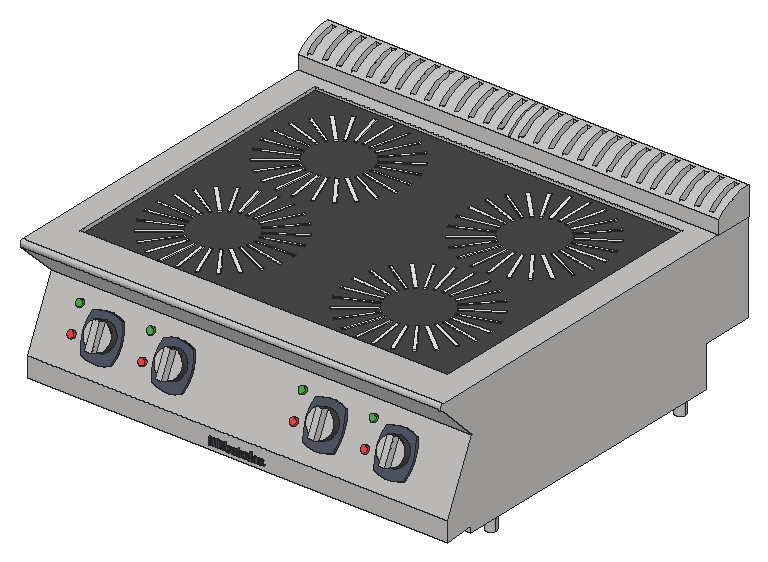
Revit family "QF_ELECTROLUXPROFESSIONAL_371176_E7INEH400P", category Specialty Equipment, Revit 2018 (continued)
Automatic sketch dimensions
  curve 46 to curve 47 = 0 mm
  curve 107 to curve 105 = 0 mm
  curve 42 to curve 43 = 0 mm
  curve 111 to curve 109 = 0 mm
  curve 38 to curve 39 = 0 mm
  curve 115 to curve 113 = 0 mm
  curve 34 to curve 35 = 0 mm
  curve 119 to curve 117 = 0 mm
  curve 21 to curve 30 = 0 mm
  curve 123 to curve 121 = 0 mm
  curve 73 to curve 26 = 0 mm
  curve 127 to curve 125 = 0 mm
  curve 25 to curve 132 = 5.939 mm
  curve 132 to curve 131 = 0 mm
  Extrusion 12 sketch curve to plane 10 "TOP A" = 0 mm
  Extrusion 12 sketch curve to plane 1 "BACK" = 0 mm
  plane 1 "BACK" to Extrusion 12 sketch curve = 1.769 mm
  plane 10 "TOP A" to Extrusion 12 sketch curve = 25.4 mm
  plane 1 "BACK" to Extrusion 12 sketch curve = 69.85 mm
  Extrusion 12 sketch curve to plane 10 "TOP A" = 38.04 mm
  Extrusion 13 sketch curve to plane 3 "LEFT" = 13.453 mm
  Extrusion 13 sketch curve to Extrusion 13 sketch curve = 9.296 mm  (x28)
  Extrusion 13 sketch curve to Extrusion 13 sketch curve = 18.547 mm  (x26)
  Extrusion 13 sketch curve to plane 1 "BACK" = 6.761 mm  (x28)
  Extrusion 13 sketch curve to plane 7 "Center Y" = 15.401 mm
  Extrusion 13 sketch curve to Extrusion 13 sketch curve = 57.15 mm  (x2)
  Extrusion 13 sketch curve to Extrusion 13 sketch curve = 0 mm  (x26)
  plane 1 "BACK" to Extrusion 14 sketch curve = 0 mm
  plane 7 "Center Y" to Extrusion 14 sketch curve = 1.537 mm
  Extrusion 14 sketch curve to plane 7 "Center Y" = 1.638 mm
  Extrusion 14 sketch curve to Extrusion 14 sketch curve = 69.85 mm
  Extrusion 7 sketch curve to Extrusion 1 = 31.333 mm  (x8)
  Extrusion 7 sketch curve to Extrusion 7 sketch curve = 12.3 mm  (x12)
  Extrusion 7 sketch curve to Extrusion 7 sketch curve = 34.925 mm  (x6)
  Extrusion 7 sketch curve to Extrusion 7 sketch curve = 0 mm  (x2)
  Extrusion 1 to Extrusion 7 sketch curve = 44.467 mm  (x4)
  Extrusion 1 to Extrusion 7 sketch curve = 66.558 mm
  Extrusion 7 sketch curve to Extrusion 7 sketch curve = 25.683 mm  (x2)
  Extrusion 7 sketch curve to Extrusion 7 sketch curve = 25.727 mm  (x4)
  Extrusion 7 sketch curve to Extrusion 7 sketch curve = 28.575 mm  (x2)
  Extrusion 7 sketch curve to Extrusion 7 sketch curve = 26.44 mm  (x2)
  Extrusion 7 sketch curve to Extrusion 7 sketch curve = 179.765 mm
  Extrusion 7 sketch curve to Extrusion 7 sketch curve = 25.771 mm  (x2)
  Extrusion 7 sketch curve to Extrusion 7 sketch curve = 28.531 mm  (x2)
  Extrusion 8 sketch curve to Extrusion 8 sketch curve = 0 mm  (x3)
  Extrusion 8 sketch curve to Extrusion 8 sketch curve = 135 mm  (x2)
  Extrusion 8 sketch curve to Extrusion 8 sketch curve = 288.369 mm
  Extrusion 9 sketch curve to Extrusion 9 sketch curve = 24.732 mm  (x4)
  Extrusion 9 sketch curve to Extrusion 9 sketch curve = 0 mm  (x4)
  Extrusion 1 to Extrusion 10 sketch curve = 29.678 mm  (x4)
  Extrusion 1 to Extrusion 10 sketch curve = 175.983 mm
  Extrusion 10 sketch curve to Extrusion 10 sketch curve = 135 mm
  Extrusion 1 to Extrusion 10 sketch curve = 200.648 mm
  Extrusion 1 to Extrusion 10 sketch curve = 65.648 mm
  Extrusion 11 sketch curve to Extrusion 1 = 54.522 mm  (x4)
  Extrusion 1 to Extrusion 11 sketch curve = 175.983 mm
  Extrusion 11 sketch curve to Extrusion 11 sketch curve = 135 mm
  Extrusion 1 to Extrusion 11 sketch curve = 200.648 mm
  Extrusion 1 to Extrusion 11 sketch curve = 65.648 mm
  radius of Extrusion 3 sketch curve = 9.525 mm  (x4)
  radius of Extrusion 4 sketch curve = 12.7 mm
  radius of Extrusion 8 sketch curve = 25.4 mm  (x4)
  radius of Extrusion 9 sketch curve to Extrusion 8 = 0 mm  (x8)
  radius of Extrusion 10 sketch curve = 6.35 mm  (x4)
  radius of Extrusion 11 sketch curve = 6.4 mm  (x4)
Nested families
  nested 1: "INDUCTION BURNER" at (77.726, -103.911, 266.887), type "INDUCTION BURNER"
    with Type Mark "", Status "", Specification by User "", Revision Code "", Item Number "", Installed By "", Identify Quantity as Lot yes, Furnished By "", Foodservice Equipment Identifier yes
  nested 2: "INDUCTION BURNER" at (77.726, -379.622, 266.887), type "INDUCTION BURNER"
    with Type Mark "", Status "", Specification by User "", Revision Code "", Item Number "", Installed By "", Identify Quantity as Lot yes, Furnished By "", Foodservice Equipment Identifier yes
  nested 3: "INDUCTION BURNER" at (450.576, -103.911, 266.887), type "INDUCTION BURNER"
    with Type Mark "", Status "", Specification by User "", Revision Code "", Item Number "", Installed By "", Identify Quantity as Lot yes, Furnished By "", Foodservice Equipment Identifier yes
  nested 4: "INDUCTION BURNER" at (450.576, -379.622, 266.887), type "INDUCTION BURNER"
    with Type Mark "", Status "", Specification by User "", Revision Code "", Item Number "", Installed By "", Identify Quantity as Lot yes, Furnished By "", Foodservice Equipment Identifier yes
Connectors
  electrical at (736.5, -88.9, 57.906), driven by "Volts", driven by "Watts"
    settings: on Extrusion 4, index 1, voltage 400 V, apparent load 20000 VA, apparent load phase1 0 VA, apparent load phase2 0 VA, apparent load phase3 0 VA, power factor 1, load classification "Other", number of poles 1, system type 30, power factor state 1, is connector primary yes, connector utility no, sub classification motor no, connector description "Electrical Connection"
Definition of nested family "INDUCTION BURNER"
  Parameters
    Weight in Pounds = 0
    URL Cutsheet = ""
    Type Mark [instance] = ""
    Status [instance] = ""
    Specification by User [instance] = ""
    Specification by Manufacturer = ""
    Serial Number = ""
    Seismic Rating = ""
    SMACNA No = ""
    Revision Code [instance] = ""
    Omniclass Number and Title = ""
    NAFEM Spec ID Number = ""
    Masterspec = ""
    Item Number [instance] = ""
    Installed By [instance] = ""
    Identify Quantity as Lot [instance] = yes
    Furnished By [instance] = ""
    Foodservice Equipment Identifier [instance] = yes
    CSI MasterFormat = ""
    CSI Master Format = ""
    Assembly Code = ""
  Reference planes
    plane 1 "BACK": y = 0
    plane 2: z = 0
    plane 3 "LEFT": x = 0
    plane 4 "RIGHT": x = 263
    plane 5 "FRONT": y = -263
    plane 6 "TOP": z = 0.794
    plane 7 "Center Y": x = 131.5
    plane 8 "Center X": y = -131.5
  Forms (mm)
    Extrusion 1, solid
      sketch origin (0, 0, 0) x (1, 0, 0) y (0, 1, 0)
        loop
          line (134, -73.314) -> (134, 0) -> (129, 0) -> (129, -73.314) -> (134, -73.314)
        loop
          line (119.451, -74.521) -> (101.219, -3.51) -> (96.376, -4.753) -> (114.608, -75.764) -> (119.451, -74.521)
        loop
          line (105.66, -79.307) -> (70.34, -15.061) -> (65.959, -17.47) -> (101.278, -81.716) -> (105.66, -79.307)
        loop
          line (93.492, -87.373) -> (43.304, -33.929) -> (39.66, -37.352) -> (89.847, -90.796) -> (93.492, -87.373)
        loop
          line (83.712, -98.212) -> (21.81, -58.928) -> (19.131, -63.15) -> (81.033, -102.433) -> (83.712, -98.212)
        loop
          line (5.664, -93.242) -> (75.39, -115.897) -> (76.935, -111.142) -> (7.209, -88.487) -> (5.664, -93.242)
        loop
          line (73.586, -125.351) -> (0.416, -120.748) -> (0.103, -125.738) -> (73.272, -130.342) -> (73.586, -125.351)
        loop
          line (73.876, -139.947) -> (1.861, -153.685) -> (2.798, -158.596) -> (74.813, -144.859) -> (73.876, -139.947)
        loop
          line (77.788, -154.012) -> (11.451, -185.228) -> (13.58, -189.752) -> (79.916, -158.536) -> (77.788, -154.012)
        loop
          line (85.074, -166.663) -> (28.584, -213.395) -> (31.771, -217.248) -> (88.261, -170.515) -> (85.074, -166.663)
        loop
          line (95.277, -177.104) -> (52.184, -236.416) -> (56.229, -239.355) -> (99.322, -180.043) -> (95.277, -177.104)
        loop
          line (107.756, -184.679) -> (80.767, -252.845) -> (85.416, -254.686) -> (112.405, -186.52) -> (107.756, -184.679)
        loop
          line (121.727, -188.914) -> (112.538, -261.65) -> (117.499, -262.276) -> (126.688, -189.54) -> (121.727, -188.914)
        loop
          line (143.549, -74.521) -> (148.392, -75.764) -> (166.624, -4.753) -> (161.781, -3.51) -> (143.549, -74.521)
        loop
          line (157.34, -79.307) -> (161.722, -81.716) -> (197.041, -17.47) -> (192.66, -15.061) -> (157.34, -79.307)
        loop
          line (169.508, -87.373) -> (173.153, -90.796) -> (223.34, -37.352) -> (219.696, -33.929) -> (169.508, -87.373)
        loop
          line (179.288, -98.212) -> (181.967, -102.433) -> (243.869, -63.15) -> (241.19, -58.928) -> (179.288, -98.212)
        loop
          line (257.336, -93.242) -> (255.791, -88.487) -> (186.065, -111.142) -> (187.61, -115.897) -> (257.336, -93.242)
        loop
          line (189.414, -125.351) -> (189.728, -130.342) -> (262.897, -125.738) -> (262.584, -120.748) -> (189.414, -125.351)
        loop
          line (189.124, -139.947) -> (188.187, -144.859) -> (260.202, -158.596) -> (261.139, -153.685) -> (189.124, -139.947)
        loop
          line (185.212, -154.012) -> (183.084, -158.536) -> (249.42, -189.752) -> (251.549, -185.228) -> (185.212, -154.012)
        loop
          line (177.926, -166.663) -> (174.739, -170.515) -> (231.229, -217.248) -> (234.416, -213.395) -> (177.926, -166.663)
        loop
          line (167.723, -177.104) -> (163.678, -180.043) -> (206.771, -239.355) -> (210.816, -236.416) -> (167.723, -177.104)
        loop
          line (155.244, -184.679) -> (150.595, -186.52) -> (177.584, -254.686) -> (182.233, -252.845) -> (155.244, -184.679)
        loop
          line (141.273, -188.914) -> (136.312, -189.54) -> (145.501, -262.276) -> (150.462, -261.65) -> (141.273, -188.914)
      from 0 to 0.8
  Lines and regions (mm)
    symbolic lines
      curve 1: line (134, -73.314, 0) -> (134, 0, 0)
      curve 2: line (134, 0, 0) -> (129, 0, 0)
      curve 3: line (129, 0, 0) -> (129, -73.314, 0)
      curve 4: line (129, -73.314, 0) -> (134, -73.314, 0)
      curve 5: line (148.392, -75.764, 0) -> (166.624, -4.753, 0)
      curve 6: line (166.624, -4.753, 0) -> (161.781, -3.51, 0)
      curve 7: line (161.781, -3.51, 0) -> (143.549, -74.521, 0)
      curve 8: line (143.549, -74.521, 0) -> (148.392, -75.764, 0)
      curve 9: line (119.451, -74.521, 0) -> (101.219, -3.51, 0)
      curve 10: line (101.219, -3.51, 0) -> (96.376, -4.753, 0)
      curve 11: line (96.376, -4.753, 0) -> (114.608, -75.764, 0)
      curve 12: line (114.608, -75.764, 0) -> (119.451, -74.521, 0)
      curve 13: line (105.66, -79.307, 0) -> (70.34, -15.061, 0)
      curve 14: line (70.34, -15.061, 0) -> (65.959, -17.47, 0)
      curve 15: line (65.959, -17.47, 0) -> (101.278, -81.716, 0)
      curve 16: line (101.278, -81.716, 0) -> (105.66, -79.307, 0)
      curve 17: line (93.492, -87.373, 0) -> (43.304, -33.929, 0)
      curve 18: line (43.304, -33.929, 0) -> (39.66, -37.352, 0)
      curve 19: line (39.66, -37.352, 0) -> (89.847, -90.796, 0)
      curve 20: line (89.847, -90.796, 0) -> (93.492, -87.373, 0)
      curve 21: line (83.712, -98.212, 0) -> (21.81, -58.928, 0)
      curve 22: line (21.81, -58.928, 0) -> (19.131, -63.15, 0)
      curve 23: line (19.131, -63.15, 0) -> (81.033, -102.433, 0)
      curve 24: line (81.033, -102.433, 0) -> (83.712, -98.212, 0)
      curve 25: line (76.935, -111.142, 0) -> (7.209, -88.487, 0)
      curve 26: line (7.209, -88.487, 0) -> (5.664, -93.242, 0)
      curve 27: line (5.664, -93.242, 0) -> (75.39, -115.897, 0)
      curve 28: line (75.39, -115.897, 0) -> (76.935, -111.142, 0)
      curve 29: line (73.586, -125.351, 0) -> (0.416, -120.748, 0)
      curve 30: line (0.416, -120.748, 0) -> (0.103, -125.738, 0)
      curve 31: line (0.103, -125.738, 0) -> (73.272, -130.342, 0)
      curve 32: line (73.272, -130.342, 0) -> (73.586, -125.351, 0)
      curve 33: line (73.876, -139.947, 0) -> (1.861, -153.685, 0)
      curve 34: line (1.861, -153.685, 0) -> (2.798, -158.596, 0)
      curve 35: line (2.798, -158.596, 0) -> (74.813, -144.859, 0)
      curve 36: line (74.813, -144.859, 0) -> (73.876, -139.947, 0)
      curve 37: line (77.788, -154.012, 0) -> (11.451, -185.228, 0)
      curve 38: line (11.451, -185.228, 0) -> (13.58, -189.752, 0)
      curve 39: line (13.58, -189.752, 0) -> (79.916, -158.536, 0)
      curve 40: line (79.916, -158.536, 0) -> (77.788, -154.012, 0)
      curve 41: line (85.074, -166.663, 0) -> (28.584, -213.395, 0)
      curve 42: line (28.584, -213.395, 0) -> (31.771, -217.248, 0)
      curve 43: line (31.771, -217.248, 0) -> (88.261, -170.515, 0)
      curve 44: line (88.261, -170.515, 0) -> (85.074, -166.663, 0)
      curve 45: line (95.277, -177.104, 0) -> (52.184, -236.416, 0)
      curve 46: line (52.184, -236.416, 0) -> (56.229, -239.355, 0)
      curve 47: line (56.229, -239.355, 0) -> (99.322, -180.043, 0)
      curve 48: line (99.322, -180.043, 0) -> (95.277, -177.104, 0)
      curve 49: line (107.756, -184.679, 0) -> (80.767, -252.845, 0)
      curve 50: line (80.767, -252.845, 0) -> (85.416, -254.686, 0)
      curve 51: line (85.416, -254.686, 0) -> (112.405, -186.52, 0)
      curve 52: line (112.405, -186.52, 0) -> (107.756, -184.679, 0)
      curve 53: line (121.727, -188.914, 0) -> (112.538, -261.65, 0)
      curve 54: line (112.538, -261.65, 0) -> (117.499, -262.276, 0)
      curve 55: line (117.499, -262.276, 0) -> (126.688, -189.54, 0)
      curve 56: line (126.688, -189.54, 0) -> (121.727, -188.914, 0)
      curve 57: line (136.312, -189.54, 0) -> (145.501, -262.276, 0)
      curve 58: line (145.501, -262.276, 0) -> (150.462, -261.65, 0)
      curve 59: line (150.462, -261.65, 0) -> (141.273, -188.914, 0)
      curve 60: line (141.273, -188.914, 0) -> (136.312, -189.54, 0)
      curve 61: line (150.595, -186.52, 0) -> (177.584, -254.686, 0)
      curve 62: line (177.584, -254.686, 0) -> (182.233, -252.845, 0)
      curve 63: line (182.233, -252.845, 0) -> (155.244, -184.679, 0)
      curve 64: line (155.244, -184.679, 0) -> (150.595, -186.52, 0)
      curve 65: line (163.678, -180.043, 0) -> (206.771, -239.355, 0)
      curve 66: line (206.771, -239.355, 0) -> (210.816, -236.416, 0)
      curve 67: line (210.816, -236.416, 0) -> (167.723, -177.104, 0)
      curve 68: line (167.723, -177.104, 0) -> (163.678, -180.043, 0)
      curve 69: line (174.739, -170.515, 0) -> (231.229, -217.248, 0)
      curve 70: line (231.229, -217.248, 0) -> (234.416, -213.395, 0)
      curve 71: line (234.416, -213.395, 0) -> (177.926, -166.663, 0)
      curve 72: line (177.926, -166.663, 0) -> (174.739, -170.515, 0)
      curve 73: line (183.084, -158.536, 0) -> (249.42, -189.752, 0)
      curve 74: line (249.42, -189.752, 0) -> (251.549, -185.228, 0)
      curve 75: line (251.549, -185.228, 0) -> (185.212, -154.012, 0)
      curve 76: line (185.212, -154.012, 0) -> (183.084, -158.536, 0)
      curve 77: line (188.187, -144.859, 0) -> (260.202, -158.596, 0)
      curve 78: line (260.202, -158.596, 0) -> (261.139, -153.685, 0)
      curve 79: line (261.139, -153.685, 0) -> (189.124, -139.947, 0)
      curve 80: line (189.124, -139.947, 0) -> (188.187, -144.859, 0)
      curve 81: line (189.728, -130.342, 0) -> (262.897, -125.738, 0)
      curve 82: line (262.897, -125.738, 0) -> (262.584, -120.748, 0)
      curve 83: line (262.584, -120.748, 0) -> (189.414, -125.351, 0)
      curve 84: line (189.414, -125.351, 0) -> (189.728, -130.342, 0)
      curve 85: line (187.61, -115.897, 0) -> (257.336, -93.242, 0)
      curve 86: line (257.336, -93.242, 0) -> (255.791, -88.487, 0)
      curve 87: line (255.791, -88.487, 0) -> (186.065, -111.142, 0)
      curve 88: line (186.065, -111.142, 0) -> (187.61, -115.897, 0)
      curve 89: line (181.967, -102.433, 0) -> (243.869, -63.15, 0)
      curve 90: line (243.869, -63.15, 0) -> (241.19, -58.928, 0)
      curve 91: line (241.19, -58.928, 0) -> (179.288, -98.212, 0)
      curve 92: line (179.288, -98.212, 0) -> (181.967, -102.433, 0)
      curve 93: line (173.153, -90.796, 0) -> (223.34, -37.352, 0)
      curve 94: line (223.34, -37.352, 0) -> (219.696, -33.929, 0)
      curve 95: line (219.696, -33.929, 0) -> (169.508, -87.373, 0)
      curve 96: line (169.508, -87.373, 0) -> (173.153, -90.796, 0)
      curve 97: line (161.722, -81.716, 0) -> (197.041, -17.47, 0)
      curve 98: line (197.041, -17.47, 0) -> (192.66, -15.061, 0)
      curve 99: line (192.66, -15.061, 0) -> (157.34, -79.307, 0)
      curve 100: line (157.34, -79.307, 0) -> (161.722, -81.716, 0)
  Dimensions and locks
    equal spacing: plane 3 "LEFT", plane 7 "Center Y", plane 4 "RIGHT"
    plane 3 "LEFT" to plane 4 "RIGHT" = 263 mm
    equal spacing: plane 5 "FRONT", plane 8 "Center X", plane 1 "BACK"
    plane 5 "FRONT" to plane 1 "BACK" = 263 mm
    plane 6 "TOP" to level = 0.794 mm
    aligned and locked: level to plane 2
  Automatic sketch dimensions
    plane 1 "BACK" to curve 1 = 0 mm
    plane 3 "LEFT" to curve 31 = 0.103 mm
    plane 3 "LEFT" to curve 33 = 1.861 mm
    plane 3 "LEFT" to curve 26 = 5.664 mm
    plane 3 "LEFT" to curve 38 = 11.451 mm
    curve 37 to curve 39 = 2.129 mm
    plane 3 "LEFT" to curve 22 = 19.131 mm
    curve 38 to curve 42 = 15.004 mm
    curve 21 to curve 18 = 17.849 mm
    plane 1 "BACK" to curve 14 = 15.061 mm
    curve 14 to curve 14 = 4.382 mm
    plane 8 "Center X" to curve 32 = 1.158 mm
    curve 32 to curve 29 = 0.314 mm
    curve 31 to curve 36 = 0.604 mm
    curve 33 to plane 8 "Center X" = 8.447 mm
    curve 33 to curve 35 = 0.937 mm
    curve 29 to curve 28 = 1.803 mm
    plane 8 "Center X" to curve 27 = 15.603 mm
    curve 27 to curve 25 = 1.545 mm
    curve 36 to curve 40 = 2.974 mm
    curve 37 to plane 8 "Center X" = 22.512 mm
    curve 25 to curve 23 = 4.098 mm
    curve 23 to curve 21 = 2.679 mm
    curve 39 to curve 41 = 5.157 mm
    curve 49 to curve 51 = 4.649 mm
    curve 50 to plane 5 "FRONT" = 8.314 mm
    curve 41 to curve 44 = 3.187 mm
    curve 21 to curve 19 = 6.135 mm
    curve 19 to curve 17 = 3.645 mm
    curve 43 to curve 45 = 7.016 mm
    curve 45 to curve 47 = 4.045 mm
    curve 10 to curve 9 = 4.843 mm
    plane 1 "BACK" to curve 10 = 3.51 mm
    curve 17 to curve 16 = 7.786 mm
    curve 47 to curve 49 = 8.434 mm
    curve 13 to curve 11 = 8.949 mm
    curve 54 to plane 5 "FRONT" = 0.724 mm
    curve 53 to curve 54 = 4.961 mm
    curve 56 to plane 7 "Center Y" = 4.812 mm
    curve 2 to plane 7 "Center Y" = 2.5 mm
    plane 7 "Center Y" to curve 1 = 2.5 mm
    plane 7 "Center Y" to curve 57 = 4.812 mm
    plane 7 "Center Y" to curve 58 = 14.001 mm
    curve 57 to plane 5 "FRONT" = 0.724 mm
    curve 58 to curve 58 = 4.961 mm
    curve 59 to curve 64 = 9.322 mm
    curve 61 to curve 64 = 4.649 mm
    curve 5 to curve 100 = 8.949 mm
    plane 1 "BACK" to curve 6 = 3.51 mm
    curve 63 to curve 65 = 8.434 mm
    curve 6 to curve 6 = 4.843 mm
    curve 65 to curve 67 = 4.045 mm
    curve 97 to curve 96 = 7.786 mm
    curve 95 to curve 96 = 3.645 mm
    curve 67 to curve 72 = 7.016 mm
    curve 62 to plane 5 "FRONT" = 8.314 mm
    curve 69 to curve 71 = 3.187 mm
    curve 93 to curve 92 = 6.135 mm
    curve 71 to curve 76 = 5.157 mm
    curve 73 to curve 76 = 2.129 mm
    curve 75 to plane 8 "Center X" = 22.512 mm
    curve 89 to curve 88 = 4.098 mm
    plane 8 "Center X" to curve 88 = 15.603 mm
    curve 75 to curve 77 = 2.974 mm
    curve 79 to plane 8 "Center X" = 8.447 mm
    curve 77 to curve 79 = 0.937 mm
    curve 85 to curve 84 = 1.803 mm
    plane 8 "Center X" to curve 84 = 1.158 mm
    curve 83 to curve 84 = 0.314 mm
    plane 1 "BACK" to curve 98 = 15.061 mm
    curve 98 to curve 98 = 4.382 mm
    curve 66 to curve 70 = 20.413 mm
    curve 91 to plane 4 "RIGHT" = 21.81 mm
    curve 90 to curve 90 = 2.679 mm
    curve 74 to plane 4 "RIGHT" = 13.58 mm
    curve 86 to plane 4 "RIGHT" = 7.209 mm
    curve 86 to curve 86 = 1.545 mm
    curve 79 to plane 4 "RIGHT" = 1.861 mm
    curve 82 to plane 4 "RIGHT" = 0.103 mm
    curve 46 to curve 46 = 2.939 mm
    curve 45 to curve 42 = 19.169 mm
    curve 66 to curve 70 = 19.169 mm
    curve 69 to curve 71 = 3.853 mm
    curve 56 to curve 60 = 0 mm
    curve 55 to curve 53 = 0.627 mm
    curve 57 to curve 59 = 0.627 mm
    curve 53 to curve 52 = 2.394 mm
    curve 59 to curve 61 = 2.394 mm
    curve 73 to curve 75 = 4.524 mm
    curve 51 to curve 49 = 1.841 mm
    curve 61 to curve 63 = 1.841 mm
    curve 49 to curve 48 = 4.637 mm
    curve 63 to curve 65 = 4.637 mm
    curve 65 to curve 67 = 2.939 mm
    curve 67 to curve 72 = 6.589 mm
    curve 45 to curve 44 = 6.589 mm
    curve 43 to curve 44 = 3.853 mm
    curve 39 to curve 37 = 4.524 mm
    curve 77 to curve 78 = 4.911 mm
    curve 34 to curve 33 = 4.911 mm
    plane 8 "Center X" to curve 31 = 5.762 mm
    plane 8 "Center X" to curve 81 = 5.762 mm
    curve 30 to curve 30 = 4.99 mm
    curve 81 to curve 83 = 4.99 mm
    curve 87 to curve 89 = 8.709 mm
    curve 25 to curve 23 = 8.709 mm
    curve 23 to curve 21 = 4.222 mm
    curve 91 to curve 96 = 7.416 mm
    curve 21 to curve 20 = 7.416 mm
    curve 26 to curve 26 = 4.755 mm
    curve 86 to curve 86 = 4.755 mm
    curve 19 to curve 20 = 3.423 mm
    curve 93 to curve 95 = 3.423 mm
    curve 17 to curve 16 = 5.657 mm
    curve 95 to curve 97 = 5.657 mm
    curve 16 to curve 13 = 2.409 mm
    curve 97 to curve 100 = 2.409 mm
    curve 99 to curve 8 = 3.543 mm
    curve 13 to curve 11 = 3.543 mm
    curve 5 to curve 8 = 1.243 mm
    curve 11 to curve 12 = 1.243 mm
    curve 9 to curve 3 = 1.206 mm
    curve 90 to curve 91 = 4.222 mm
    curve 91 to curve 94 = 21.576 mm
    plane 1 "BACK" to Extrusion 1 sketch curve = 0 mm
    plane 3 "LEFT" to Extrusion 1 sketch curve = 0.103 mm
    plane 3 "LEFT" to Extrusion 1 sketch curve = 0.416 mm
    plane 3 "LEFT" to Extrusion 1 sketch curve = 1.861 mm
    plane 3 "LEFT" to Extrusion 1 sketch curve = 2.798 mm
    plane 3 "LEFT" to Extrusion 1 sketch curve = 5.664 mm
    Extrusion 1 sketch curve to Extrusion 1 sketch curve = 1.545 mm  (x2)
    plane 3 "LEFT" to Extrusion 1 sketch curve = 11.451 mm
    Extrusion 1 sketch curve to Extrusion 1 sketch curve = 2.129 mm  (x2)
    plane 3 "LEFT" to Extrusion 1 sketch curve = 19.131 mm
    Extrusion 1 sketch curve to Extrusion 1 sketch curve = 2.679 mm  (x2)
    Extrusion 1 sketch curve to Extrusion 1 sketch curve = 15.004 mm
    Extrusion 1 sketch curve to Extrusion 1 sketch curve = 3.187 mm  (x2)
    Extrusion 1 sketch curve to Extrusion 1 sketch curve = 17.849 mm
    plane 1 "BACK" to Extrusion 1 sketch curve = 33.929 mm
    Extrusion 1 sketch curve to Extrusion 1 sketch curve = 3.645 mm  (x2)
    Extrusion 1 sketch curve to Extrusion 1 sketch curve = 20.413 mm  (x2)
    Extrusion 1 sketch curve to plane 5 "FRONT" = 23.645 mm  (x2)
    Extrusion 1 sketch curve to Extrusion 1 sketch curve = 4.045 mm  (x2)
    Extrusion 1 sketch curve to Extrusion 1 sketch curve = 22.654 mm  (x2)
    plane 1 "BACK" to Extrusion 1 sketch curve = 15.061 mm  (x2)
    Extrusion 1 sketch curve to Extrusion 1 sketch curve = 4.382 mm  (x2)
    plane 8 "Center X" to Extrusion 1 sketch curve = 1.158 mm  (x2)
    Extrusion 1 sketch curve to plane 7 "Center Y" = 58.228 mm
    Extrusion 1 sketch curve to plane 8 "Center X" = 8.447 mm  (x2)
    Extrusion 1 sketch curve to Extrusion 1 sketch curve = 0.604 mm
    plane 8 "Center X" to Extrusion 1 sketch curve = 15.603 mm  (x2)
    Extrusion 1 sketch curve to Extrusion 1 sketch curve = 1.803 mm  (x2)
    Extrusion 1 sketch curve to plane 8 "Center X" = 22.512 mm  (x2)
    Extrusion 1 sketch curve to Extrusion 1 sketch curve = 2.974 mm  (x2)
    Extrusion 1 sketch curve to plane 5 "FRONT" = 10.155 mm
    Extrusion 1 sketch curve to Extrusion 1 sketch curve = 24.538 mm  (x2)
    Extrusion 1 sketch curve to Extrusion 1 sketch curve = 4.098 mm  (x2)
    Extrusion 1 sketch curve to Extrusion 1 sketch curve = 5.157 mm  (x2)
    Extrusion 1 sketch curve to plane 5 "FRONT" = 8.314 mm  (x2)
    Extrusion 1 sketch curve to Extrusion 1 sketch curve = 4.649 mm  (x2)
    Extrusion 1 sketch curve to Extrusion 1 sketch curve = 6.135 mm  (x2)
    Extrusion 1 sketch curve to Extrusion 1 sketch curve = 7.016 mm  (x2)
    plane 1 "BACK" to Extrusion 1 sketch curve = 4.753 mm
    Extrusion 1 sketch curve to Extrusion 1 sketch curve = 26.036 mm  (x2)
    plane 1 "BACK" to Extrusion 1 sketch curve = 3.51 mm  (x2)
    Extrusion 1 sketch curve to Extrusion 1 sketch curve = 4.843 mm  (x2)
    Extrusion 1 sketch curve to Extrusion 1 sketch curve = 7.786 mm  (x2)
    Extrusion 1 sketch curve to Extrusion 1 sketch curve = 8.434 mm  (x2)
    Extrusion 1 sketch curve to plane 5 "FRONT" = 1.35 mm
    Extrusion 1 sketch curve to plane 7 "Center Y" = 18.962 mm
    Extrusion 1 sketch curve to Extrusion 1 sketch curve = 8.949 mm  (x2)
    Extrusion 1 sketch curve to plane 5 "FRONT" = 0.724 mm  (x2)
    Extrusion 1 sketch curve to Extrusion 1 sketch curve = 4.961 mm  (x2)
    Extrusion 1 sketch curve to Extrusion 1 sketch curve = 9.322 mm  (x2)
    Extrusion 1 sketch curve to plane 7 "Center Y" = 2.5 mm
    plane 7 "Center Y" to Extrusion 1 sketch curve = 2.5 mm
    plane 7 "Center Y" to Extrusion 1 sketch curve = 4.812 mm
    Extrusion 1 sketch curve to Extrusion 1 sketch curve = 9.549 mm
    plane 7 "Center Y" to Extrusion 1 sketch curve = 14.001 mm
    Extrusion 1 sketch curve to Extrusion 1 sketch curve = 27.781 mm
    Extrusion 1 sketch curve to Extrusion 1 sketch curve = 27.122 mm
    plane 8 "Center X" to Extrusion 1 sketch curve = 29.067 mm
    plane 8 "Center X" to Extrusion 1 sketch curve = 20.358 mm
    Extrusion 1 sketch curve to plane 8 "Center X" = 13.359 mm
    Extrusion 1 sketch curve to Extrusion 1 sketch curve = 0.937 mm
    plane 8 "Center X" to Extrusion 1 sketch curve = 6.149 mm
    Extrusion 1 sketch curve to Extrusion 1 sketch curve = 0.314 mm
    Extrusion 1 sketch curve to plane 4 "RIGHT" = 21.81 mm
    Extrusion 1 sketch curve to plane 4 "RIGHT" = 13.58 mm
    Extrusion 1 sketch curve to plane 4 "RIGHT" = 7.209 mm
    Extrusion 1 sketch curve to plane 4 "RIGHT" = 2.798 mm
    Extrusion 1 sketch curve to plane 4 "RIGHT" = 0.416 mm
    Extrusion 1 sketch curve to Extrusion 1 sketch curve = 0.627 mm
    Extrusion 1 sketch curve to Extrusion 1 sketch curve = 1.841 mm
    Extrusion 1 sketch curve to Extrusion 1 sketch curve = 2.939 mm  (x2)
    Extrusion 1 sketch curve to Extrusion 1 sketch curve = 19.169 mm  (x2)
    Extrusion 1 sketch curve to Extrusion 1 sketch curve = 3.853 mm  (x2)
    Extrusion 1 sketch curve to Extrusion 1 sketch curve = 23.643 mm  (x2)
    Extrusion 1 sketch curve to plane 8 "Center X" = 27.096 mm
    plane 8 "Center X" to Extrusion 1 sketch curve = 5.762 mm
    Extrusion 1 sketch curve to Extrusion 1 sketch curve = 4.755 mm
    Extrusion 1 sketch curve to Extrusion 1 sketch curve = 8.709 mm
    Extrusion 1 sketch curve to Extrusion 1 sketch curve = 4.222 mm  (x2)
    Extrusion 1 sketch curve to Extrusion 1 sketch curve = 7.416 mm  (x2)
    Extrusion 1 sketch curve to Extrusion 1 sketch curve = 3.423 mm
    Extrusion 1 sketch curve to Extrusion 1 sketch curve = 5.657 mm  (x2)
    Extrusion 1 sketch curve to Extrusion 1 sketch curve = 3.543 mm
    Extrusion 1 sketch curve to Extrusion 1 sketch curve = 1.206 mm
